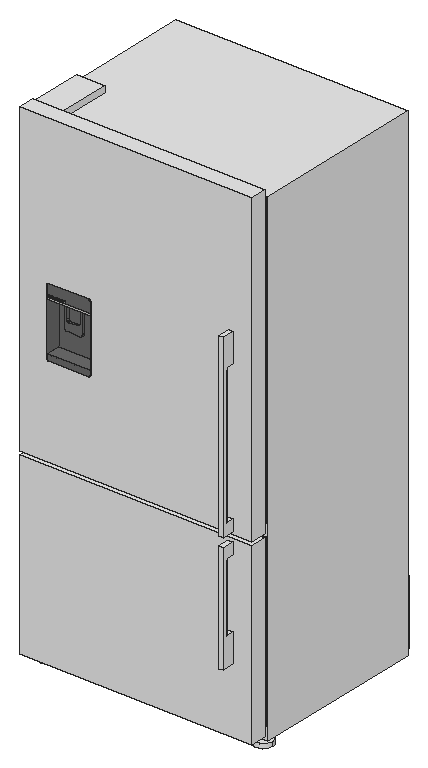
Revit family "Fisher & Paykel Fridge E522BLXFDU4", category Generic Models, host Floor, Revit 2013
Parameters
  URL = "http://www.fisherpaykel.com"
  Model = "Fisher & Paykel - Fridge E522BLXFDU4"
  Manufacturer = "Fisher&Paykel"
  Fridge = Fridge
  Designed by = "www.modlar.com"
  Description = "Fisher & Paykel - Fridge E522BLXFDU4"
Reference planes
  plane 1 "Center (Front/Back)": y = 0
  plane 2: z = 0
  plane 3 "Center (Left/Right)": x = 0
Dimensions and locks
  equal spacing: host sketch curve, plane 1 "Center (Front/Back)", host sketch curve
  equal spacing: host sketch curve, plane 3 "Center (Left/Right)", host sketch curve
  host sketch curve to host sketch curve = 3048.000 mm  (x2)
  aligned and locked: level to plane 2
Nested families
  nested 1: "E522BLRXFDU4" at (0, 0, 0), type "Fisher & Paykel - Fridge E522BLXFDU"
Definition of nested family "E522BLRXFDU4"
  Parameters (values of type "Fisher & Paykel - Fridge E522BLXFDU")
    URL = "http://www.fisherpaykel.com"
    Model = "Fisher & Paykel - Fridge E522BLRXFDU"
    Manufacturer = "Fisher&Paykel"
    Fridge = Fridge
    Description = "Fisher & Paykel - Fridge E522BLRXFDU"
  Reference planes
    plane 1 "Center (Front/Back)": y = 0
    plane 2: z = 0
    plane 3 "Center (Left/Right)": x = 0
    plane 4: z = 0
    plane 5: z = 0
    plane 6 "Wheels": y = -278.8
    plane 7: x = -365
    plane 8: x = 365
    plane 9: z = 1610
    plane 10: z = 1715
    plane 11: x = -303.8
    plane 12: z = 1209.2
    plane 13 "Ice": y = -312.8
    plane 14: z = 1687.7
  Forms (mm)
    Extrusion 1, solid, material "Fridge" <- "Fridge"
      sketch origin (77.5, 15, 0) x (1, 0, 0) y (0, 1, 0)
        loop
          line (-472, 282.4) -> (-472, -312.4) -> (317, -312.4) -> (317, 282.4) -> (-472, 282.4)
      from 24 to 1687.7
    Extrusion 2, solid, material "Fridge" <- "Fridge"
      sketch origin (-394.5, 287.938, 0) x (0, 1, 0) y (0, 0, -1)
        loop
          line (39.462, -248.82) -> (39.462, -24) -> (9.462, -24) -> (9.462, -278.82) -> (39.462, -248.82)
      from -769 to -20
    Revolve 3, solid, material "Fridge" <- "Fridge"
      sketch origin (279.5, 287.938, 0) x (0, 1, 0) y (0, 0, -1)
        loop
          line (59.462, -90) -> (59.462, -85) -> (39.462, -85) -> (39.462, -90) -> (59.462, -90)
        axis (59.462, -85) -> (39.462, -85)
      angle from 0 to 360
    Extrusion 4, solid, material "Fridge" <- "Fridge"
      sketch origin (-394.5, 287.938, 0) x (0, 1, 0) y (0, 0, -1)
        loop
          line (-600.538, -1715) -> (-600.538, -663) -> (-655.538, -663) -> (-655.538, -1715) -> (-600.538, -1715)
        loop
          line (-600.538, -650.65) -> (-600.538, -44.65) -> (-655.538, -44.65) -> (-655.538, -650.65) -> (-600.538, -650.65)
      from -789.5 to 0.5
    Extrusion 5, solid, material "Fridge" <- "Fridge"
      sketch origin (-394.5, 287.938, 0) x (0, 1, 0) y (0, 0, -1)
        loop
          line (-415.538, -1709.5) -> (-415.538, -1687.7) -> (-600.538, -1687.7) -> (-600.538, -1709.5) -> (-415.538, -1709.5)
      from -98.1 to -1.1
    Extrusion 6, solid, material "Fridge" <- "Fridge"
      sketch origin (394, 287.938, -2.35) x (0, 1, 0) y (0, 0, 1)
        loop
          line (-655.538, 269.5) -> (-655.538, 369.5) -> (-683.338, 369.5) -> (-683.338, 603.5) -> (-655.538, 603.5) -> (-655.538, 643.5) -> (-696.538, 643.5) -> (-696.538, 269.5) -> (-655.538, 269.5)
      from -77.7 to -62.3
    Extrusion 7, solid, material "Fridge"
      sketch origin (394, 287.938, -2.35) x (0, 1, 0) y (0, 0, 1)
        loop
          line (-683.338, 603.5) -> (-683.338, 369.5) -> (-682.069, 369.5) -> (-682.069, 603.5) -> (-683.338, 603.5)
      from -77.7 to -62.3
    Extrusion 8, solid, material "Fridge" <- "Fridge"
      sketch origin (394, 287.938, -404.35) x (0, 1, 0) y (0, 0, 1)
        loop
          line (-655.538, 1076.85) -> (-655.538, 1116.85) -> (-683.338, 1116.85) -> (-683.338, 1588.85) -> (-655.538, 1588.85) -> (-655.538, 1688.85) -> (-696.538, 1688.85) -> (-696.538, 1076.85) -> (-655.538, 1076.85)
      from -77.7 to -62.3
    Extrusion 9, solid, material "Fridge"
      sketch origin (394, 287.938, -404.35) x (0, 1, 0) y (0, 0, 1)
        loop
          line (-683.338, 1586.5) -> (-683.338, 1116.85) -> (-682.069, 1116.85) -> (-682.069, 1586.5) -> (-683.338, 1586.5)
      from -77.7 to -62.3
    Extrusion 10, solid, material "Fridge" <- "Fridge"
      sketch origin (-327.191, 287.938, 0) x (0, -1, 0) y (0, 0, 1)
        loop
          line (600.538, 645.9) -> (585.338, 645.9) -> (585.338, 65.9) -> (600.538, 65.9) -> (600.538, 645.9)
      from -714.391 to 60.009
    Extrusion 11, solid, material "Fridge" <- "Fridge"
      sketch origin (-233.759, 287.938, 1293.5) x (0, -1, 0) y (0, 0, 1)
        loop
          line (600.538, -608) -> (600.538, 388.9) -> (585.338, 388.9) -> (585.338, -608) -> (600.538, -608)
      from -620.959 to 153.441
    Extrusion 12, solid, material "Fridge" <- "Fridge"
      sketch origin (-394.5, 287.938, 0) x (0, 1, 0) y (0, 0, -1)
        loop
          line (-81.793, -24) -> (-30.882, -24)
          arc (-30.882, -24) -> (-56.338, 0) -> (-81.793, -24) r 25.5
        loop
          line (-523.293, -24) -> (-472.382, -24)
          arc (-472.382, -24) -> (-497.838, 0) -> (-523.293, -24) r 25.5
      from -69.05 to -49.35
    Extrusion 13, solid, material "Fridge" <- "Fridge"
      sketch origin (276.25, 287.938, 0) x (0, 1, 0) y (0, 0, -1)
        loop
          line (-81.793, -24) -> (-30.882, -24)
          arc (-30.882, -24) -> (-56.338, 0) -> (-81.793, -24) r 25.5
        loop
          line (-523.293, -24) -> (-472.382, -24)
          arc (-472.382, -24) -> (-497.838, 0) -> (-523.293, -24) r 25.5
      from -68.9 to -49.2
    Extrusion 14, solid, material "Fridge" <- "Fridge"
      sketch origin (-0.098, 0, 0) x (1, 0, 0) y (0, 1, 0)
        loop
          circle (-365, -278.8) r 5
        loop
          circle (365, -278.8) r 5
      from 14 to 24
    Extrusion 15, solid, material "Fridge" <- "Fridge"
      sketch origin (0, 0, 0) x (1, 0, 0) y (0, 1, 0)
        loop
          circle (-365, -278.8) r 30
        loop
          circle (365, -278.8) r 30
      from 0 to 14
    Extrusion 16, void
      sketch origin (0, 0, 0) x (1, 0, 0) y (0, 0, 1)
        loop
          line (-303.8, 1201.2) -> (-303.8, 981.6)
          arc (-303.8, 981.6) -> (-301.457, 975.943) -> (-295.8, 973.6) r 8
          line (-295.8, 973.6) -> (-161.3, 973.6)
          arc (-161.3, 973.6) -> (-155.643, 975.943) -> (-153.3, 981.6) r 8
          line (-153.3, 981.6) -> (-153.3, 1201.2)
          arc (-153.3, 1201.2) -> (-155.643, 1206.857) -> (-161.3, 1209.2) r 8
          line (-161.3, 1209.2) -> (-295.8, 1209.2)
          arc (-295.8, 1209.2) -> (-301.457, 1206.857) -> (-303.8, 1201.2) r 8
      from 312.8 to 367.6
  Cuts and joins
    Extrusion 16 cuts Extrusion 1
    Extrusion 16 cuts Extrusion 4
  Dimensions and locks
    level to Extrusion 12 = 24.000 mm
    plane 10 to plane 9 = 105.000 mm
    plane 1 "Center (Front/Back)" to Extrusion 2 = 327.400 mm
    plane 11 to Extrusion 4 = 91.200 mm
    plane 10 to plane 12 = 505.800 mm
    plane 13 "Ice" to Extrusion 4 = 54.800 mm
    cut or joined group of Extrusion 1, Extrusion 16 to level = 1687.700 mm
    cut or joined group of Extrusion 4, Extrusion 16 to level = 1715.000 mm
    Extrusion 5 to level = 1709.500 mm
    plane 14 to level = 1687.700 mm
    aligned and locked: Extrusion 15 to level
  Nested families
    nested 1: "Ice maker" at (-303.8, -312.8, 973.6), type "Ice maker"
  Definition of nested family "Ice maker"
    Parameters (values of type "Ice maker")
      Ice maker = UHMW, Black
      Fridge = Fridge
      Frame = Steel, Polished
      Brand = none
    Reference planes
      plane 1 "Center (Front/Back)": y = 0
      plane 2: z = 0
      plane 3 "Center (Left/Right)": x = 0
      plane 4: y = -54.8
      plane 5: x = 150.5
      plane 6: z = 235.6
      plane 7: z = 20
      plane 8: z = 187.1
      plane 9: z = 192.6
      plane 10: z = 196.129
      plane 11: x = 5.31
      plane 12: x = 75.25
      plane 13 "ice": y = -27.4
      plane 14: y = -33.4
      plane 15: y = -30.4
      plane 16: z = 179.1
      plane 17: x = 1
      plane 18: x = 149.5
      plane 19: y = -5
    Forms (mm)
      Extrusion 1, solid, material "Steel, Polished" <- "Frame"
        sketch origin (0, 0, 0) x (1, 0, 0) y (0, 0, 1)
          loop
            line (1, 187.1) -> (149.5, 187.1) -> (149.5, 192.6) -> (1, 192.6) -> (1, 187.1)
        from 0 to 54.8
      Extrusion 2, solid, material "UHMW, Black" <- "Ice maker"
        sketch origin (0, 0, 0) x (1, 0, 0) y (0, 0, 1)
          loop
            arc (8, 235.6) -> (2.343, 233.257) -> (0, 227.6) r 8
            line (0, 227.6) -> (0, 8)
            arc (0, 8) -> (2.343, 2.343) -> (8, 0) r 8
            line (8, 0) -> (142.5, 0)
            arc (142.5, 0) -> (148.157, 2.343) -> (150.5, 8) r 8
            line (150.5, 8) -> (150.5, 227.6)
            arc (150.5, 227.6) -> (148.157, 233.257) -> (142.5, 235.6) r 8
            line (142.5, 235.6) -> (8, 235.6)
          loop
            line (1, 192.6) -> (1, 20) -> (149.5, 20) -> (149.5, 192.6) -> (1, 192.6)
        from 0 to 54.8
      Extrusion 3, solid, material "Steel, Polished" <- "Frame"
        sketch origin (37.69, -18.414, 153.295) x (1, 0, 0) y (0, 0, 1)
          loop
            line (-30.953, 48.191) -> (-32.38, 42.834) -> (-31.094, 42.834) -> (-30.512, 45.035) -> (-27.529, 45.035) -> (-27.299, 45.885) -> (-30.282, 45.885) -> (-29.899, 47.34) -> (-26.756, 47.34) -> (-26.526, 48.191) -> (-30.953, 48.191)
          loop
            line (-26.37, 47.421) -> (-25.235, 47.421) -> (-25.024, 48.191) -> (-26.159, 48.191) -> (-26.37, 47.421)
          loop
            line (-26.592, 46.584) -> (-27.585, 42.834) -> (-26.45, 42.834) -> (-25.456, 46.584) -> (-26.592, 46.584)
          loop
            line (21.485, 42.834) -> (22.621, 42.834) -> (24.047, 48.191) -> (22.911, 48.191) -> (21.485, 42.834)
          loop
            spline (-19.682, 44.962) -> (-19.517, 45.32) -> (-19.341, 45.572) -> (-19.153, 45.737) -> (-18.952, 45.832) -> (-18.738, 45.876) -> (-18.508, 45.887) -> (-18.264, 45.882) -> (-18.022, 45.858) -> (-17.81, 45.8) -> (-17.657, 45.69) -> (-17.592, 45.513) -> (-17.643, 45.252)
            line (-17.643, 45.252) -> (-18.286, 42.834) -> (-17.152, 42.834) -> (-16.479, 45.379)
            spline (-16.479, 45.379) -> (-16.389, 45.941) -> (-16.539, 46.285) -> (-16.803, 46.475) -> (-17.067, 46.571) -> (-17.298, 46.611) -> (-17.511, 46.618) -> (-17.718, 46.618) -> (-17.94, 46.617) -> (-18.195, 46.613) -> (-18.507, 46.579) -> (-18.902, 46.407) -> (-19.41, 45.967)
            line (-19.41, 45.967) -> (-18.819, 48.191) -> (-19.953, 48.191) -> (-21.379, 42.834) -> (-20.244, 42.834) -> (-19.682, 44.962)
          loop
            line (-10.936, 46.584) -> (-11.93, 42.834) -> (-10.794, 42.834) -> (-10.213, 45.042)
            spline (-10.213, 45.042) -> (-10.076, 45.38) -> (-9.939, 45.609) -> (-9.796, 45.753) -> (-9.646, 45.834) -> (-9.484, 45.873) -> (-9.306, 45.893) -> (-9.115, 45.906) -> (-8.933, 45.895) -> (-8.784, 45.835) -> (-8.695, 45.704) -> (-8.689, 45.477) -> (-8.793, 45.132)
            line (-8.793, 45.132) -> (-7.722, 45.132)
            spline (-7.722, 45.132) -> (-7.605, 45.844) -> (-7.658, 46.21) -> (-7.808, 46.369) -> (-7.983, 46.455) -> (-8.159, 46.517) -> (-8.34, 46.555) -> (-8.531, 46.568) -> (-8.743, 46.561) -> (-8.983, 46.541) -> (-9.266, 46.475) -> (-9.612, 46.273) -> (-10.043, 45.842)
            line (-10.043, 45.842) -> (-9.801, 46.584) -> (-10.936, 46.584)
          loop
            line (9.569, 42.834) -> (10.392, 42.834)
            arc (10.392, 42.834) -> (10.001, 42.409) -> (9.549, 42.049) r 3.794
            arc (9.549, 42.049) -> (9.121, 41.885) -> (8.668, 41.959) r 0.881
            line (8.668, 41.959) -> (8.546, 41.188)
            arc (8.546, 41.188) -> (9.055, 41.176) -> (9.561, 41.241) r 3.394
            arc (9.561, 41.241) -> (10.199, 41.49) -> (10.719, 41.937) r 2.036
            arc (10.719, 41.937) -> (10.969, 42.261) -> (11.197, 42.601) r 6.112
            line (11.197, 42.601) -> (13.487, 46.584) -> (12.312, 46.584) -> (10.553, 43.42) -> (10.233, 46.584) -> (9.028, 46.584) -> (9.569, 42.834)
          loop
            line (14.08, 48.191) -> (12.646, 42.834) -> (13.782, 42.834) -> (14.223, 44.496) -> (15.035, 44.496) -> (16.119, 42.834) -> (17.378, 42.834) -> (15.943, 44.817) -> (18.042, 46.584) -> (16.873, 46.584) -> (15.227, 45.123) -> (14.395, 45.123) -> (15.206, 48.191) -> (14.08, 48.191)
          loop
            line (-1.576, 42.834) -> (-0.292, 42.834) -> (0.171, 44.56) -> (1.667, 44.56)
            spline (1.667, 44.56) -> (2.694, 44.606) -> (3.391, 44.734) -> (3.851, 44.93) -> (4.163, 45.179) -> (4.387, 45.479) -> (4.555, 45.835) -> (4.699, 46.253) -> (4.841, 46.732) -> (4.888, 47.232) -> (4.687, 47.686) -> (4.087, 48.027) -> (2.933, 48.191)
            line (2.933, 48.191) -> (-0.151, 48.191) -> (-1.576, 42.834)
          loop
            line (0.904, 47.34) -> (0.402, 45.444) -> (1.848, 45.444)
            spline (1.848, 45.444) -> (2.338, 45.429) -> (2.699, 45.492) -> (2.959, 45.62) -> (3.142, 45.799) -> (3.276, 46.016) -> (3.386, 46.255) -> (3.481, 46.504) -> (3.531, 46.746) -> (3.497, 46.966) -> (3.342, 47.149) -> (3.026, 47.279) -> (2.513, 47.34)
            line (2.513, 47.34) -> (0.904, 47.34)
          loop
            line (-14.963, 45.106) -> (-12.914, 45.106)
            spline (-12.914, 45.106) -> (-12.821, 45.458) -> (-12.859, 45.697) -> (-13.001, 45.845) -> (-13.218, 45.92) -> (-13.484, 45.946) -> (-13.77, 45.943) -> (-14.052, 45.926) -> (-14.315, 45.888) -> (-14.547, 45.807) -> (-14.739, 45.663) -> (-14.882, 45.436) -> (-14.963, 45.106)
          loop
            arc (-11.95, 44.545) -> (-11.803, 45.019) -> (-11.697, 45.504) r 5.692
            arc (-11.697, 45.504) -> (-11.756, 46.016) -> (-12.081, 46.416) r 0.918
            arc (-12.081, 46.416) -> (-13.12, 46.6) -> (-14.176, 46.585) r 5.573
            arc (-14.176, 46.585) -> (-15.14, 46.357) -> (-15.862, 45.678) r 1.918
            arc (-15.862, 45.678) -> (-16.288, 44.593) -> (-16.3, 43.427) r 3.23
            arc (-16.3, 43.427) -> (-15.896, 42.948) -> (-15.289, 42.794) r 1.025
            arc (-15.289, 42.794) -> (-14.279, 42.767) -> (-13.271, 42.836) r 10.666
            arc (-13.271, 42.836) -> (-12.426, 43.185) -> (-12.076, 44.03) r 1.194
            line (-12.076, 44.03) -> (-13.206, 44.03)
            spline (-13.206, 44.03) -> (-13.371, 43.751) -> (-13.583, 43.58) -> (-13.827, 43.493) -> (-14.091, 43.466) -> (-14.36, 43.476) -> (-14.621, 43.5) -> (-14.858, 43.532) -> (-15.056, 43.592) -> (-15.199, 43.702) -> (-15.268, 43.883) -> (-15.249, 44.157) -> (-15.124, 44.545)
            line (-15.124, 44.545) -> (-11.95, 44.545)
          loop
            line (18.517, 45.123) -> (20.565, 45.123)
            spline (20.565, 45.123) -> (20.658, 45.475) -> (20.62, 45.714) -> (20.479, 45.861) -> (20.262, 45.937) -> (19.996, 45.963) -> (19.709, 45.959) -> (19.427, 45.943) -> (19.165, 45.905) -> (18.932, 45.824) -> (18.74, 45.68) -> (18.598, 45.453) -> (18.517, 45.123)
          loop
            arc (21.53, 44.562) -> (21.677, 45.036) -> (21.782, 45.521) r 5.692
            arc (21.782, 45.521) -> (21.724, 46.033) -> (21.399, 46.432) r 0.918
            arc (21.399, 46.432) -> (20.359, 46.617) -> (19.303, 46.602) r 5.573
            arc (19.303, 46.602) -> (18.339, 46.374) -> (17.617, 45.695) r 1.918
            arc (17.617, 45.695) -> (17.192, 44.61) -> (17.179, 43.444) r 3.23
            arc (17.179, 43.444) -> (17.583, 42.965) -> (18.191, 42.811) r 1.025
            arc (18.191, 42.811) -> (19.201, 42.784) -> (20.209, 42.852) r 10.666
            arc (20.209, 42.852) -> (21.053, 43.202) -> (21.403, 44.047) r 1.194
            line (21.403, 44.047) -> (20.274, 44.047)
            spline (20.274, 44.047) -> (20.109, 43.768) -> (19.897, 43.597) -> (19.652, 43.51) -> (19.389, 43.483) -> (19.119, 43.493) -> (18.859, 43.517) -> (18.621, 43.549) -> (18.423, 43.609) -> (18.281, 43.719) -> (18.211, 43.9) -> (18.231, 44.174) -> (18.355, 44.562)
            line (18.355, 44.562) -> (21.53, 44.562)
          loop
            spline (8.727, 45.284) -> (8.767, 45.928) -> (8.592, 46.284) -> (8.282, 46.453) -> (7.919, 46.532) -> (7.547, 46.581) -> (7.16, 46.613) -> (6.754, 46.635) -> (6.321, 46.653) -> (5.868, 46.636) -> (5.423, 46.498) -> (5.014, 46.149) -> (4.67, 45.5)
            line (4.67, 45.5) -> (5.814, 45.5)
            arc (5.814, 45.5) -> (5.967, 45.868) -> (6.335, 46.02) r 0.521
            arc (6.335, 46.02) -> (6.897, 46.061) -> (7.449, 45.943) r 2.007
            arc (7.449, 45.943) -> (7.583, 45.269) -> (7.371, 44.615) r 1.364
            spline (7.371, 44.615) -> (6.424, 45.044) -> (5.63, 45.037) -> (5.005, 44.895) -> (4.533, 44.62) -> (4.211, 44.207) -> (4.069, 43.733) -> (4.108, 43.327) -> (4.335, 43.062) -> (4.808, 42.891) -> (5.514, 42.795) -> (6.382, 42.886) -> (7.26, 43.62)
            line (7.26, 43.62) -> (6.939, 42.834) -> (8.074, 42.834) -> (8.727, 45.284)
          loop
            spline (-25.881, 44.015) -> (-25.255, 42.812) -> (-23.957, 42.72) -> (-22.857, 42.862) -> (-22.011, 43.217) -> (-21.479, 43.851) -> (-21.425, 44.564) -> (-22.045, 44.999) -> (-23.23, 45.073) -> (-24.086, 45.198) -> (-24.196, 45.636) -> (-23.255, 46.038) -> (-22.313, 45.557)
            line (-22.313, 45.557) -> (-21.218, 45.557)
            spline (-21.218, 45.557) -> (-21.772, 46.528) -> (-22.971, 46.655) -> (-24.028, 46.598) -> (-24.852, 46.281) -> (-25.276, 45.566) -> (-25.313, 44.789) -> (-24.554, 44.462) -> (-23.468, 44.41) -> (-22.718, 44.271) -> (-22.607, 43.826) -> (-23.648, 43.358) -> (-24.592, 44.015)
            line (-24.592, 44.015) -> (-25.881, 44.015)
          loop
            arc (-2.802, 43.918) -> (-2.582, 44.437) -> (-2.453, 44.986) r 3.302
            line (-2.453, 44.986) -> (-3.196, 45.227)
            arc (-3.196, 45.227) -> (-3.295, 44.819) -> (-3.413, 44.415) r 8.608
            line (-3.413, 44.415) -> (-4.724, 45.477)
            spline (-4.724, 45.477) -> (-2.926, 45.913) -> (-2.429, 46.343) -> (-2.214, 46.922) -> (-2.312, 47.512) -> (-2.737, 47.807) -> (-3.315, 47.955) -> (-3.996, 48.038) -> (-4.775, 48.04) -> (-5.5, 47.89) -> (-6.064, 47.528) -> (-6.458, 46.921) -> (-6.256, 45.661)
            spline (-6.256, 45.661) -> (-7.342, 45.209) -> (-7.649, 44.733) -> (-7.781, 44.258) -> (-7.865, 43.731) -> (-7.774, 43.274) -> (-7.431, 43.02) -> (-6.975, 42.879) -> (-6.484, 42.802) -> (-5.939, 42.775) -> (-5.243, 42.772) -> (-4.344, 42.861) -> (-3.352, 43.364)
            line (-3.352, 43.364) -> (-2.466, 42.663) -> (-1.914, 43.215) -> (-2.802, 43.918)
          loop
            spline (-5.654, 45.33) -> (-6.41, 45.069) -> (-6.703, 44.63) -> (-6.848, 44.173) -> (-6.91, 43.787) -> (-6.825, 43.52) -> (-6.595, 43.372) -> (-6.273, 43.299) -> (-5.886, 43.268) -> (-5.406, 43.26) -> (-4.799, 43.263) -> (-4.149, 43.364) -> (-3.637, 43.735)
            line (-3.637, 43.735) -> (-5.654, 45.33)
          loop
            line (-5.087, 45.771) -> (-4.053, 45.935)
            spline (-4.053, 45.935) -> (-3.356, 46.297) -> (-3.248, 46.698) -> (-3.281, 46.97) -> (-3.456, 47.117) -> (-3.774, 47.172) -> (-4.164, 47.178) -> (-4.56, 47.158) -> (-4.909, 47.108) -> (-5.187, 47.005) -> (-5.427, 46.785) -> (-5.548, 46.388) -> (-5.087, 45.771)
          loop
            arc (6.715, 43.641) -> (6.681, 44.18) -> (6.217, 44.456) r 0.578
            arc (6.217, 44.456) -> (5.822, 44.446) -> (5.434, 44.377) r 2.611
            arc (5.434, 44.377) -> (5.07, 44.096) -> (5.024, 43.64) r 0.582
            arc (5.024, 43.64) -> (5.404, 43.436) -> (5.819, 43.315) r 2.102
            arc (5.819, 43.315) -> (6.311, 43.356) -> (6.715, 43.641) r 0.942
        from 36.386 to 37.386
      Extrusion 4, solid, material "UHMW, Black" <- "Ice maker"
        sketch origin (0, -27.4, 0) x (0, 0, 1) y (-1, 0, 0)
          loop
            line (187.1, -45.25) -> (105.1, -45.25)
            arc (105.1, -45.25) -> (99.443, -47.593) -> (97.1, -53.25) r 8
            line (97.1, -53.25) -> (97.1, -97.25)
            arc (97.1, -97.25) -> (99.443, -102.907) -> (105.1, -105.25) r 8
            line (105.1, -105.25) -> (187.1, -105.25) -> (187.1, -98.75) -> (133.6, -98.75)
            arc (133.6, -98.75) -> (128.297, -96.553) -> (126.1, -91.25) r 7.5
            line (126.1, -91.25) -> (126.1, -59.25)
            arc (126.1, -59.25) -> (128.297, -53.947) -> (133.6, -51.75) r 7.5
            line (133.6, -51.75) -> (187.1, -51.75) -> (187.1, -45.25)
        from 0 to 6
      Extrusion 5, solid, material "Steel, Polished" <- "Frame"
        sketch origin (0, 0, 0) x (1, 0, 0) y (0, 1, 0)
          loop
            circle (75.25, -30.4) r 7.5
        from 179.1 to 187.1
      Extrusion 6, solid, material "UHMW, Black" <- "Ice maker"
        sketch origin (0, -27.4, 0) x (0, 0, 1) y (-1, 0, 0)
          loop
            line (187.1, -1) -> (20, -1) -> (20, -149.5) -> (187.1, -149.5) -> (187.1, -1)
        from -27.4 to -22.4
    Dimensions and locks
      locked: plane 1 "Center (Front/Back)" to plane 4 at 54.8
      locked: plane 3 "Center (Left/Right)" to plane 5 at 150.5
      locked: plane 6 to level at 235.6
      locked: plane 7 to level at 20
      locked: plane 6 to plane 9 at 43
      locked: plane 9 to plane 8 at 5.5
      locked: plane 6 to plane 10 at 39.471
      locked: plane 11 to plane 3 "Center (Left/Right)" at 5.31
      equal spacing: plane 5, plane 12, plane 3 "Center (Left/Right)"
      locked: plane 8 to plane 16 at 8
      plane 1 "Center (Front/Back)" to plane 4 = 54.800 mm
      aligned and locked: plane 2 to level
    Automatic sketch dimensions
      Extrusion 3 sketch curve to plane 11 = 0.000 mm
      Extrusion 3 sketch curve to plane 10 = 1.646 mm
      Extrusion 3 sketch curve to Extrusion 3 sketch curve = 1.286 mm
      plane 11 to Extrusion 3 sketch curve = 1.427 mm
      plane 11 to Extrusion 3 sketch curve = 1.868 mm
      Extrusion 3 sketch curve to Extrusion 3 sketch curve = 0.231 mm  (x3)
      Extrusion 3 sketch curve to Extrusion 3 sketch curve = 1.055 mm  (x2)
      plane 10 to Extrusion 3 sketch curve = 0.000 mm  (x10)
      Extrusion 3 sketch curve to Extrusion 3 sketch curve = 3.509 mm
      Extrusion 3 sketch curve to Extrusion 3 sketch curve = 0.056 mm
      Extrusion 3 sketch curve to Extrusion 3 sketch curve = 0.230 mm
      Extrusion 3 sketch curve to Extrusion 3 sketch curve = 0.543 mm
      Extrusion 3 sketch curve to Extrusion 3 sketch curve = 0.165 mm
      Extrusion 3 sketch curve to Extrusion 3 sketch curve = 1.135 mm  (x6)
      Extrusion 3 sketch curve to Extrusion 3 sketch curve = 0.386 mm
      Extrusion 3 sketch curve to Extrusion 3 sketch curve = 0.367 mm
      Extrusion 3 sketch curve to Extrusion 3 sketch curve = 0.569 mm
      Extrusion 3 sketch curve to Extrusion 3 sketch curve = 1.136 mm  (x2)
      Extrusion 3 sketch curve to Extrusion 3 sketch curve = 0.221 mm
      Extrusion 3 sketch curve to Extrusion 3 sketch curve = 0.210 mm
      Extrusion 3 sketch curve to Extrusion 3 sketch curve = 1.289 mm
      plane 10 to Extrusion 3 sketch curve = 2.723 mm
      Extrusion 3 sketch curve to Extrusion 3 sketch curve = 2.279 mm
      Extrusion 3 sketch curve to Extrusion 3 sketch curve = 0.934 mm
      Extrusion 3 sketch curve to Extrusion 3 sketch curve = 1.095 mm
      Extrusion 3 sketch curve to Extrusion 3 sketch curve = 1.265 mm
      plane 10 to Extrusion 3 sketch curve = 2.128 mm
      Extrusion 3 sketch curve to Extrusion 3 sketch curve = 1.536 mm
      plane 10 to Extrusion 3 sketch curve = 3.133 mm
      Extrusion 3 sketch curve to Extrusion 3 sketch curve = 0.272 mm
      Extrusion 3 sketch curve to Extrusion 3 sketch curve = 1.134 mm
      Extrusion 3 sketch curve to Extrusion 3 sketch curve = 1.958 mm
      plane 10 to Extrusion 3 sketch curve = 2.418 mm
      Extrusion 3 sketch curve to Extrusion 3 sketch curve = 1.767 mm
      plane 10 to Extrusion 3 sketch curve = 2.545 mm
      Extrusion 3 sketch curve to Extrusion 3 sketch curve = 1.164 mm
      Extrusion 3 sketch curve to Extrusion 3 sketch curve = 1.355 mm  (x2)
      Extrusion 3 sketch curve to Extrusion 3 sketch curve = 0.161 mm  (x3)
      plane 10 to Extrusion 3 sketch curve = 1.196 mm
      Extrusion 3 sketch curve to Extrusion 3 sketch curve = 1.918 mm  (x2)
      Extrusion 3 sketch curve to Extrusion 3 sketch curve = 0.291 mm  (x2)
      Extrusion 3 sketch curve to Extrusion 3 sketch curve = 1.129 mm  (x2)
      Extrusion 3 sketch curve to Extrusion 3 sketch curve = 0.127 mm  (x2)
      Extrusion 3 sketch curve to Extrusion 3 sketch curve = 0.146 mm
      plane 10 to Extrusion 3 sketch curve = 3.750 mm  (x4)
      Extrusion 3 sketch curve to Extrusion 3 sketch curve = 1.014 mm
      plane 10 to Extrusion 3 sketch curve = 2.208 mm
      Extrusion 3 sketch curve to Extrusion 3 sketch curve = 0.723 mm
      plane 10 to Extrusion 3 sketch curve = 3.008 mm
      Extrusion 3 sketch curve to Extrusion 3 sketch curve = 0.170 mm
      Extrusion 3 sketch curve to Extrusion 3 sketch curve = 0.241 mm
      plane 10 to Extrusion 3 sketch curve = 2.298 mm
      Extrusion 3 sketch curve to Extrusion 3 sketch curve = 1.420 mm
      Extrusion 3 sketch curve to Extrusion 3 sketch curve = 1.071 mm
      plane 10 to Extrusion 3 sketch curve = 2.827 mm
      Extrusion 3 sketch curve to Extrusion 3 sketch curve = 1.466 mm
      plane 10 to Extrusion 3 sketch curve = 2.496 mm
      Extrusion 3 sketch curve to Extrusion 3 sketch curve = 0.602 mm
      plane 10 to Extrusion 3 sketch curve = 2.937 mm
      Extrusion 3 sketch curve to Extrusion 3 sketch curve = 0.567 mm
      plane 10 to Extrusion 3 sketch curve = 2.643 mm
      Extrusion 3 sketch curve to Extrusion 3 sketch curve = 0.363 mm
      plane 10 to Extrusion 3 sketch curve = 3.101 mm
      Extrusion 3 sketch curve to Extrusion 3 sketch curve = 0.671 mm
      plane 10 to Extrusion 3 sketch curve = 0.900 mm
      Extrusion 3 sketch curve to Extrusion 3 sketch curve = 1.087 mm
      plane 10 to Extrusion 3 sketch curve = 1.581 mm
      Extrusion 3 sketch curve to Extrusion 3 sketch curve = 0.224 mm
      plane 10 to Extrusion 3 sketch curve = 0.530 mm
      Extrusion 3 sketch curve to Extrusion 3 sketch curve = 0.285 mm
      plane 10 to Extrusion 3 sketch curve = 2.393 mm
      Extrusion 3 sketch curve to Extrusion 3 sketch curve = 0.217 mm
      plane 10 to Extrusion 3 sketch curve = 1.084 mm
      Extrusion 3 sketch curve to Extrusion 3 sketch curve = 0.550 mm
      Extrusion 3 sketch curve to plane 10 = 0.171 mm
      Extrusion 3 sketch curve to Extrusion 3 sketch curve = 0.886 mm
      plane 10 to Extrusion 3 sketch curve = 2.152 mm
      Extrusion 3 sketch curve to Extrusion 3 sketch curve = 0.743 mm
      plane 10 to Extrusion 3 sketch curve = 0.381 mm
      Extrusion 3 sketch curve to Extrusion 3 sketch curve = 0.552 mm
      Extrusion 3 sketch curve to Extrusion 3 sketch curve = 0.338 mm
      Extrusion 3 sketch curve to Extrusion 3 sketch curve = 1.285 mm
      plane 10 to Extrusion 3 sketch curve = 5.356 mm  (x2)
      Extrusion 3 sketch curve to Extrusion 3 sketch curve = 2.302 mm
      Extrusion 3 sketch curve to Extrusion 3 sketch curve = 0.462 mm
      plane 10 to Extrusion 3 sketch curve = 2.610 mm
      plane 10 to Extrusion 3 sketch curve = 4.506 mm
      Extrusion 3 sketch curve to Extrusion 3 sketch curve = 1.496 mm
      Extrusion 3 sketch curve to Extrusion 3 sketch curve = 0.181 mm
      Extrusion 3 sketch curve to Extrusion 3 sketch curve = 1.609 mm
      Extrusion 3 sketch curve to Extrusion 3 sketch curve = 0.419 mm
      Extrusion 3 sketch curve to Extrusion 3 sketch curve = 2.822 mm
      Extrusion 3 sketch curve to Extrusion 3 sketch curve = 1.144 mm
      Extrusion 3 sketch curve to Extrusion 3 sketch curve = 1.125 mm
      plane 10 to Extrusion 3 sketch curve = 0.786 mm
      Extrusion 3 sketch curve to Extrusion 3 sketch curve = 0.321 mm
      plane 10 to Extrusion 3 sketch curve = 1.781 mm
      Extrusion 3 sketch curve to Extrusion 3 sketch curve = 0.111 mm
      Extrusion 3 sketch curve to Extrusion 3 sketch curve = 0.814 mm
      Extrusion 3 sketch curve to Extrusion 3 sketch curve = 0.472 mm
      Extrusion 3 sketch curve to plane 10 = 0.875 mm
      Extrusion 3 sketch curve to Extrusion 3 sketch curve = 0.122 mm
      plane 10 to Extrusion 3 sketch curve = 2.450 mm
      Extrusion 3 sketch curve to Extrusion 3 sketch curve = 0.302 mm
      Extrusion 3 sketch curve to Extrusion 3 sketch curve = 0.901 mm
      Extrusion 3 sketch curve to Extrusion 3 sketch curve = 1.204 mm
      Extrusion 3 sketch curve to Extrusion 3 sketch curve = 0.822 mm
      plane 10 to Extrusion 3 sketch curve = 0.586 mm
      Extrusion 3 sketch curve to plane 10 = 0.234 mm
      Extrusion 3 sketch curve to Extrusion 3 sketch curve = 0.805 mm
      Extrusion 3 sketch curve to Extrusion 3 sketch curve = 2.080 mm
      Extrusion 3 sketch curve to Extrusion 3 sketch curve = 1.449 mm
      Extrusion 3 sketch curve to Extrusion 3 sketch curve = 1.175 mm
      Extrusion 3 sketch curve to Extrusion 3 sketch curve = 0.593 mm  (x2)
      plane 10 to Extrusion 3 sketch curve = 1.662 mm
      Extrusion 3 sketch curve to Extrusion 3 sketch curve = 0.441 mm
      Extrusion 3 sketch curve to Extrusion 3 sketch curve = 0.172 mm
      Extrusion 3 sketch curve to Extrusion 3 sketch curve = 0.812 mm  (x2)
      Extrusion 3 sketch curve to Extrusion 3 sketch curve = 1.126 mm
      plane 10 to Extrusion 3 sketch curve = 2.289 mm
      Extrusion 3 sketch curve to Extrusion 3 sketch curve = 0.191 mm
      plane 10 to Extrusion 3 sketch curve = 1.983 mm
      Extrusion 3 sketch curve to Extrusion 3 sketch curve = 0.717 mm
      Extrusion 3 sketch curve to Extrusion 3 sketch curve = 1.084 mm
      Extrusion 3 sketch curve to Extrusion 3 sketch curve = 0.930 mm
      Extrusion 3 sketch curve to Extrusion 3 sketch curve = 1.259 mm
      Extrusion 3 sketch curve to Extrusion 3 sketch curve = 1.169 mm
      Extrusion 3 sketch curve to Extrusion 3 sketch curve = 0.977 mm
      plane 10 to Extrusion 3 sketch curve = 1.213 mm
      Extrusion 3 sketch curve to Extrusion 3 sketch curve = 0.082 mm
      Extrusion 3 sketch curve to Extrusion 3 sketch curve = 2.346 mm
      Extrusion 3 sketch curve to Extrusion 3 sketch curve = 0.336 mm
      Extrusion 3 sketch curve to Extrusion 3 sketch curve = 0.851 mm  (x3)
      Extrusion 3 sketch curve to Extrusion 3 sketch curve = 0.617 mm
      Extrusion 3 sketch curve to Extrusion 3 sketch curve = 0.000 mm  (x9)
      Extrusion 3 sketch curve to Extrusion 3 sketch curve = 0.228 mm  (x3)
      Extrusion 3 sketch curve to Extrusion 3 sketch curve = 0.063 mm
      Extrusion 3 sketch curve to Extrusion 3 sketch curve = 4.320 mm
      Extrusion 3 sketch curve to Extrusion 3 sketch curve = 0.731 mm  (x2)
      Extrusion 3 sketch curve to Extrusion 3 sketch curve = 0.787 mm
      Extrusion 3 sketch curve to plane 10 = 1.789 mm
      Extrusion 3 sketch curve to Extrusion 3 sketch curve = 1.638 mm
      Extrusion 3 sketch curve to Extrusion 3 sketch curve = 0.065 mm  (x2)
      Extrusion 3 sketch curve to Extrusion 3 sketch curve = 0.089 mm  (x2)
      Extrusion 3 sketch curve to Extrusion 3 sketch curve = 0.312 mm  (x2)
      Extrusion 3 sketch curve to Extrusion 3 sketch curve = 0.522 mm  (x2)
      Extrusion 3 sketch curve to Extrusion 3 sketch curve = 0.905 mm  (x2)
      Extrusion 3 sketch curve to Extrusion 3 sketch curve = 0.471 mm
      Extrusion 3 sketch curve to Extrusion 3 sketch curve = 0.067 mm
      Extrusion 3 sketch curve to Extrusion 3 sketch curve = 0.354 mm
      Extrusion 3 sketch curve to Extrusion 3 sketch curve = 0.410 mm
      Extrusion 3 sketch curve to Extrusion 3 sketch curve = 0.555 mm
      Extrusion 3 sketch curve to Extrusion 3 sketch curve = 0.240 mm
      Extrusion 3 sketch curve to Extrusion 3 sketch curve = 0.556 mm
      Extrusion 3 sketch curve to Extrusion 3 sketch curve = 0.196 mm
      Extrusion 3 sketch curve to plane 10 = 0.986 mm
      Extrusion 3 sketch curve to Extrusion 3 sketch curve = 0.854 mm
      Extrusion 3 sketch curve to Extrusion 3 sketch curve = 0.199 mm  (x2)
      Extrusion 3 sketch curve to Extrusion 3 sketch curve = 0.385 mm
      Extrusion 3 sketch curve to Extrusion 3 sketch curve = 0.022 mm
      Extrusion 3 sketch curve to Extrusion 3 sketch curve = 0.324 mm
      Extrusion 3 sketch curve to Extrusion 3 sketch curve = 0.545 mm
      Extrusion 3 sketch curve to Extrusion 3 sketch curve = 0.042 mm  (x2)
      Extrusion 3 sketch curve to Extrusion 3 sketch curve = 0.036 mm
      Extrusion 3 sketch curve to Extrusion 3 sketch curve = 0.151 mm
      Extrusion 3 sketch curve to Extrusion 3 sketch curve = 0.537 mm
      Extrusion 3 sketch curve to Extrusion 3 sketch curve = 0.119 mm
      Extrusion 3 sketch curve to Extrusion 3 sketch curve = 0.020 mm
      Extrusion 3 sketch curve to plane 10 = 1.593 mm
      Extrusion 3 sketch curve to Extrusion 3 sketch curve = 0.011 mm
      Extrusion 3 sketch curve to plane 10 = 0.897 mm
      Extrusion 3 sketch curve to Extrusion 3 sketch curve = 0.700 mm
      Extrusion 3 sketch curve to Extrusion 3 sketch curve = 0.425 mm
      Extrusion 3 sketch curve to Extrusion 3 sketch curve = 3.775 mm
      Extrusion 3 sketch curve to Extrusion 3 sketch curve = 1.261 mm
      Extrusion 3 sketch curve to plane 10 = 1.772 mm
      Extrusion 3 sketch curve to Extrusion 3 sketch curve = 1.574 mm
      Extrusion 3 sketch curve to Extrusion 3 sketch curve = 0.786 mm  (x2)
      Extrusion 3 sketch curve to Extrusion 3 sketch curve = 1.181 mm
      Extrusion 3 sketch curve to Extrusion 3 sketch curve = 0.834 mm
      Extrusion 3 sketch curve to Extrusion 3 sketch curve = 0.884 mm
      Extrusion 3 sketch curve to Extrusion 3 sketch curve = 0.515 mm
      Extrusion 3 sketch curve to Extrusion 3 sketch curve = 2.201 mm
      Extrusion 3 sketch curve to Extrusion 3 sketch curve = 0.561 mm  (x2)
      Extrusion 3 sketch curve to Extrusion 3 sketch curve = 0.335 mm
      Extrusion 3 sketch curve to Extrusion 3 sketch curve = 0.699 mm
      Extrusion 3 sketch curve to Extrusion 3 sketch curve = 1.455 mm
      Extrusion 3 sketch curve to Extrusion 3 sketch curve = 0.836 mm
      Extrusion 3 sketch curve to Extrusion 3 sketch curve = 2.224 mm
      Extrusion 3 sketch curve to Extrusion 3 sketch curve = 3.629 mm
      Extrusion 3 sketch curve to Extrusion 3 sketch curve = 1.751 mm
      Extrusion 3 sketch curve to Extrusion 3 sketch curve = 0.023 mm
      Extrusion 3 sketch curve to Extrusion 3 sketch curve = 0.481 mm
      Extrusion 3 sketch curve to Extrusion 3 sketch curve = 0.610 mm
      Extrusion 3 sketch curve to Extrusion 3 sketch curve = 0.054 mm  (x2)
      Extrusion 3 sketch curve to Extrusion 3 sketch curve = 0.417 mm
      plane 7 to Extrusion 4 sketch curve = 77.100 mm
      plane 8 to Extrusion 4 sketch curve = 0.000 mm  (x2)
      plane 12 to Extrusion 4 sketch curve = 30.000 mm
      Extrusion 4 sketch curve to Extrusion 4 sketch curve = 8.000 mm  (x2)
      Extrusion 4 sketch curve to Extrusion 4 sketch curve = 21.000 mm
      Extrusion 4 sketch curve to Extrusion 4 sketch curve = 7.500 mm  (x2)
      Extrusion 4 sketch curve to Extrusion 4 sketch curve = 6.500 mm
      Extrusion 4 sketch curve to plane 12 = 16.000 mm
      Extrusion 4 sketch curve to plane 12 = 22.000 mm
      Extrusion 5 sketch curve to plane 12 = 0.000 mm
      plane 15 to Extrusion 5 sketch curve = 0.000 mm
      Extrusion 2 sketch curve to plane 3 "Center (Left/Right)" = 0.000 mm
      Extrusion 2 sketch curve to level = 0.000 mm
      Extrusion 2 sketch curve to plane 6 = 0.000 mm
      Extrusion 2 sketch curve to plane 9 = 0.000 mm
      Extrusion 2 sketch curve to plane 18 = 0.000 mm
      Extrusion 2 sketch curve to plane 5 = 0.000 mm
      Extrusion 2 sketch curve to plane 17 = 0.000 mm
      Extrusion 2 sketch curve to plane 7 = 0.000 mm
      plane 11 to Extrusion 2 sketch curve = 2.690 mm  (x2)
      Extrusion 2 sketch curve to plane 18 = 7.000 mm  (x2)
      Extrusion 1 sketch curve to plane 9 = 0.000 mm
      Extrusion 1 sketch curve to plane 17 = 0.000 mm
      Extrusion 1 sketch curve to plane 18 = 0.000 mm
      Extrusion 1 sketch curve to plane 8 = 0.000 mm
      Extrusion 6 sketch curve to plane 18 = 0.000 mm
      Extrusion 6 sketch curve to plane 7 = 0.000 mm
      Extrusion 6 sketch curve to plane 8 = 0.000 mm
      Extrusion 6 sketch curve to plane 17 = 0.000 mm
      radius of Extrusion 5 sketch curve = 7.500 mm
